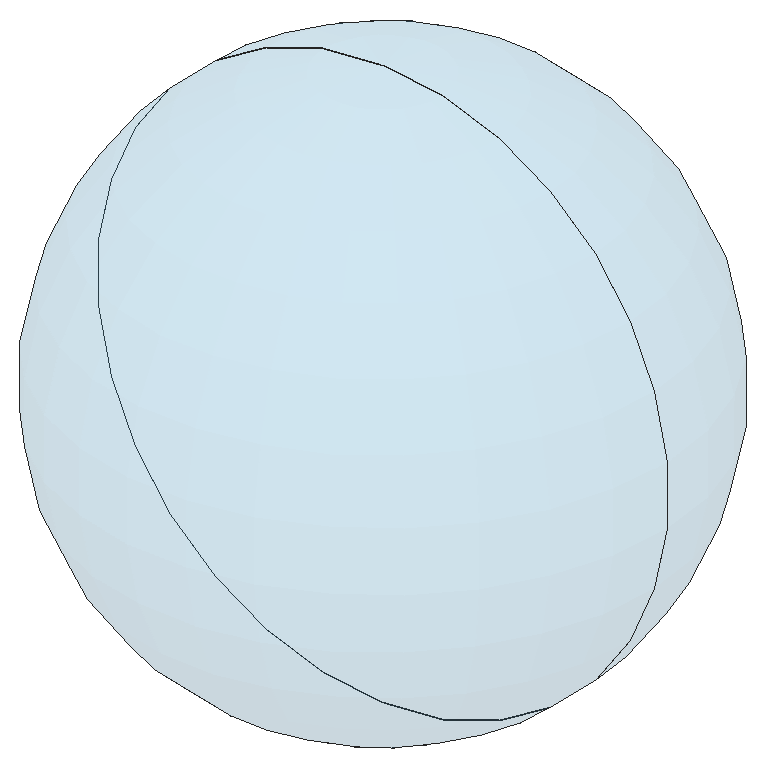
Revit family "ASB_Anno_ClashMark3D", category Specialty Equipment, Revit 2022
Family settings
  Round Connector Dimension = Use Diameter
  Part Type = Normal
  OmniClass Number = 23.85.50.99
  OmniClass Title = Other Communications Systems
  Work Plane-Based = No
  Always vertical = Yes
  Cut with Voids When Loaded = No
  Maintain Annotation Orientation = No
  Shared = No
  Room Calculation Point = No
Parameters
  URL = "www.asbuilt.co.nz"
  Rad2 = 200 mm
  NW_TEST_NAME [instance] = ""
  NW_MODEL [instance] = ""
  NW_LEVEL [instance] = ""
  NW_ID [instance] = ""
  NW_Distance [instance] = 50 mm
  NW_DISTANCE [instance] = 0 mm
  NW_ASSIGNED [instance] = ""
  LL2 = 800 mm
  LL [instance] = (2 * Rad) + (2 * 0.2 * Rad)  # 600 mm
  Manufacturer = "asBUILT (NZ) Ltd"
  Rad [instance] = if(NW_DISTANCE < 50 mm, 250 mm, if(NW_DISTANCE > 250 mm, 250 mm, NW_DISTANCE))  # 250 mm
  Description = "3D Clash Marker"
  Default Elevation = 0 mm
  CLASH_WATCHERS = ""
  CLASH_UUID [instance] = ""
  CLASH_UPDATED [instance] = ""
  CLASH_TITLE [instance] = ""
  CLASH_TAGS [instance] = ""
  CLASH_STATUS [instance] = ""
  CLASH_REPORTER [instance] = ""
  CLASH_PRIORITY [instance] = ""
  CLASH_MODEL2 [instance] = ""
  CLASH_MODEL1 [instance] = ""
  CLASH_ISSUE [instance] = ""
  CLASH_ID [instance] = ""
  CLASH_DEADLINE [instance] = ""
  CLASH_CREATED [instance] = ""
  CLASH_AUTOMATION [instance] = ""
  CLASH_AUTHOR [instance] = ""
  CLASH_ASSIGNEE [instance] = ""
  CLASH STATUS SYMBOL [instance] = no
Reference planes
  plane 1 "Center (Front/Back)": y = 0
  plane 2: z = 0
  plane 3 "Center (Left/Right)": x = 0
  plane 4: z = 300
  plane 5: z = -300
  plane 6: x = -300
  plane 7: x = 300
  plane 8: y = 300
  plane 9: y = -300
  plane 10: y = 400
  plane 11: y = -400
  plane 12: x = 400
  plane 13: x = -400
Forms (mm)
  Revolve 1, solid, material "Glass, Clear Glazing CLASH"
    sketch origin (0, 0, 0) x (1, 0, 0) y (0, 0, 1)
      loop
        arc (0, -250) -> (250, 0) -> (0, 250) r 250
        line (0, 250) -> (0, -250)
      axis (0, 250) -> (0, -250)
    angle from 0 to 360
Lines and regions (mm)
  model lines, style "ASB_Anno_Clash3D"
    curve 1: line (0, 0, -300) -> (0, 0, 300)
    curve 2: line (0, 300, 0) -> (0, -300, 0)
    curve 3: line (-300, 0, 0) -> (300, 0, 0)
  symbolic lines, style "ASB_Anno_Clash2D"
    curve 4: circle (0, 0, 0) r 200 normal (0, 0, 1)
    curve 5: line (0, 400, 0) -> (0, -400, 0)
    curve 6: line (-400, 0, 0) -> (400, 0, 0)
  symbolic lines, style "ASB_Anno_Clash2D", visible <- "CLASH STATUS SYMBOL"
    curve 7: line (-282.843, -286.881, 0) -> (282.843, 278.805, 0)
    curve 8: line (282.843, -286.881, 0) -> (-282.843, 278.805, 0)
Dimensions and locks
  equal spacing: plane 4, level, plane 5
  "LL": plane 4 to plane 5
  equal spacing: plane 8, plane 1 "Center (Front/Back)", plane 9
  equal spacing: plane 6, plane 3 "Center (Left/Right)", plane 7
  "LL": plane 6 to plane 7
  "LL": plane 8 to plane 9
  equal spacing: plane 10, plane 1 "Center (Front/Back)", plane 11
  "LL2": plane 10 to plane 11
  equal spacing: plane 13, plane 3 "Center (Left/Right)", plane 12
  "LL2": plane 13 to plane 12
  "Rad": radius of Revolve 1 sketch curve
  "Rad2": radius of curve 4
  aligned and locked: level to plane 2
  aligned and locked: Revolve 1 sketch curve to plane 3 "Center (Left/Right)"
  aligned and locked: plane 3 "Center (Left/Right)" to Revolve 1 sketch curve
  aligned and locked: plane 2 to Revolve 1 sketch curve
  aligned and locked: plane 3 "Center (Left/Right)" to curve 1
  aligned and locked: plane 5 to curve 1
  aligned and locked: plane 4 to curve 1
  aligned and locked: plane 7 to curve 3
  aligned and locked: plane 6 to curve 3
  aligned and locked: plane 8 to curve 2
  aligned and locked: plane 9 to curve 2
  aligned and locked: curve 2 to plane 3 "Center (Left/Right)"
  aligned and locked: plane 1 "Center (Front/Back)" to curve 3
  aligned and locked: plane 3 "Center (Left/Right)" to nested 1
  aligned and locked: plane 1 "Center (Front/Back)" to nested 1
  aligned and locked: curve 5 to plane 3 "Center (Left/Right)"
  aligned and locked: plane 1 "Center (Front/Back)" to curve 6
  aligned and locked: plane 3 "Center (Left/Right)" to curve 4
  aligned and locked: plane 1 "Center (Front/Back)" to curve 4
Automatic sketch dimensions
  curve 6 to plane 13 = 0 mm
  curve 6 to plane 12 = 0 mm
  curve 5 to plane 11 = 0 mm
  curve 5 to plane 10 = 0 mm
  curve 7 to plane 6 = 17.157 mm
  curve 8 to plane 6 = 17.157 mm
  plane 7 to curve 7 = 17.157 mm
  plane 7 to curve 8 = 17.157 mm
  plane 9 to curve 8 = 13.119 mm
  plane 9 to curve 7 = 13.119 mm
  curve 8 to plane 8 = 21.195 mm
  curve 7 to plane 8 = 21.195 mm
  Revolve 1 sketch curve to plane 3 "Center (Left/Right)" = 0 mm
  Revolve 1 sketch curve to plane 5 = 4.584 mm
  plane 4 to Revolve 1 sketch curve = 1885.93 mm
Nested families
  nested 1: "ASB_Anno_ClashMark" at (0, 0, 0), type "ASB_Anno_ClashMark"
Definition of nested family "ASB_Anno_ClashMark"
  Reference planes
    plane 1: y = 0
    plane 2: x = 0
  Lines and regions (mm)
    detail lines
      curve 1: circle (0, 0, 0) r 3 normal (0, 0, 1)
      curve 2: line (-4.021, 0, 0) -> (4.008, 0, 0)
      curve 3: line (0, -4.038, 0) -> (0, 3.991, 0)
  Dimensions and locks
    aligned and locked: plane 2 to curve 1
    aligned and locked: plane 1 to curve 1
